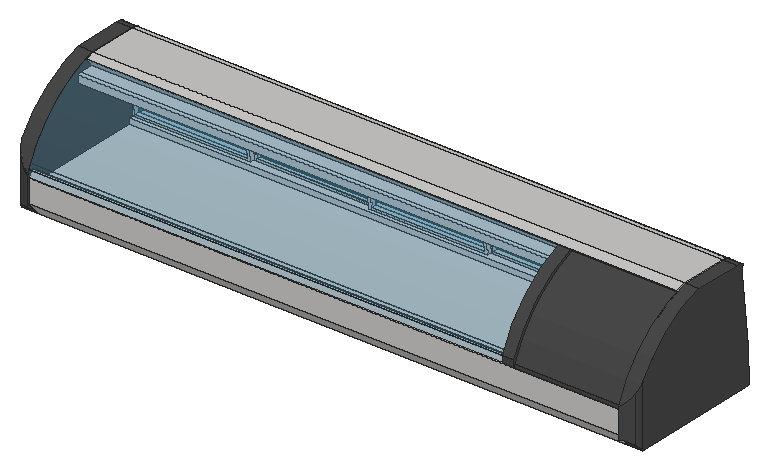
Revit family "QF_EVEREST_ESC59R", category Specialty Equipment, Revit 2015
Parameters (values of type "ESC59R")
  Weight in Pounds = 112
  Watts = if(Phase = 3, Volts * FL Amps * 1.73, Volts * FL Amps)  # 172.5 W
  Volts = 115 V
  URL Cutsheet = ""
  Specification by User = ""
  Specification by Manufacturer = ""
  Show Clearance [instance] = yes
  Show 4 Inches Back Splash [instance] = yes
  Serial Number = ""
  Seismic Rating = ""
  SMACNA No = ""
  Revision Code = ""
  Refrigerant Type [instance] = "R290"
  Phase = 1
  Number of Poles = 1
  NAFEM Spec ID Number = ""
  Model = "ESC59R"
  Min Ckt Ampacity = 0 A
  Max Overcurrent Protection = 0 A
  Masterspec = ""
  Manufacturer = "EVEREST"
  Length = 1500.00 mm
  Item Number = ""
  Installed By = ""
  Identify Quantity as Lot = yes
  Height = 283.00 mm
  HP = "1/8"
  Furnished By = ""
  Foodservice Equipment Identifier = yes
  FL Amps = 1.5 A
  Electrical Remarks = ""
  Electric Connection Type = ""
  Elec Conn RI Height = 0.00 mm
  Elec Conn Connection Height = 0.00 mm
  Description = "COUNTERTOP REFRIGERATED DISPLAY CASE"
  Depth = 349.00 mm
  Cycle = 60 Hz
  Conn Plug = "NEMA 5-15P"
  Conn Conduit = yes
  CSI MasterFormat = ""
  Base Height [instance] = if(Show 5 Inches Caster, 125.00 mm, 64.00 mm)  # 125.00 mm
  BTUH [instance] = 1211.0 Btu/h
  Apparent Power = if(Phase = 3, Volts * FL Amps * 1.73, Volts * FL Amps)  # 172.5 VA
  Show 5 Inches Caster [instance] = not(Show 2.5 Inches Caster)  # yes
  Show 2.5 Inches Caster [instance] = no
Reference planes
  plane 1 "BACK": y = 0
  plane 2: z = 0
  plane 3 "LEFT": x = 0
  plane 4 "RIGHT": x = 1500
  plane 5 "FRONT": y = -349
  plane 6 "TOP": z = 283
  plane 7 "Center Y": x = 750
  plane 8 "Center X": y = -174.5
  plane 9: z = 8
  plane 10: z = 33
  plane 11: z = 95
  plane 12: y = -19
  plane 13: y = -149
  plane 14: x = 892.75
  plane 15: x = 1465
  plane 16: x = 1178.875
  plane 17: x = 606.625
Forms (mm)
  Extrusion 1, solid, material "QF_Plastic - Black - Coarse Textured"
    sketch origin (1500, 0, 0) x (0, 1, 0) y (0, 0, -1)
      loop
        arc (0, -9.5) -> (-0.439, -8.439) -> (-1.5, -8) r 1.5
        line (-1.5, -8) -> (-319, -8)
        arc (-319, -8) -> (-331.731, -21.751) -> (-347.311, -32.163) r 80
        arc (-347.311, -32.163) -> (-348.544, -33.304) -> (-349, -34.921) r 3.096
        line (-349, -34.921) -> (-349, -95)
        arc (-349, -95) -> (-271.831, -213.288) -> (-149, -283) r 299.198
        line (-149, -283) -> (-33, -283)
        arc (-33, -283) -> (-26.602, -282.642) -> (-20.285, -281.571) r 57.29
        arc (-20.285, -281.571) -> (-18.635, -280.519) -> (-18.029, -278.658) r 2.901
        arc (-18.029, -278.658) -> (-18.826, -269.44) -> (-20.671, -260.374) r 80.818
        arc (-20.671, -260.374) -> (-20.763, -259.811) -> (-20.748, -259.241) r 3
        line (-20.748, -259.241) -> (0, -91.234) -> (0, -9.5)
    from 0 to 35
  Extrusion 2, solid, material "QF_Plastic - Black - Coarse Textured"
    sketch origin (0, 0, 0) x (0, -1, 0) y (0, 0, -1)
      loop
        line (0, -9.5) -> (0, -91.234) -> (20.748, -259.241)
        arc (20.748, -259.241) -> (20.763, -259.811) -> (20.671, -260.374) r 3
        arc (20.671, -260.374) -> (18.826, -269.44) -> (18.029, -278.658) r 80.818
        arc (18.029, -278.658) -> (18.635, -280.519) -> (20.285, -281.571) r 2.901
        arc (20.285, -281.571) -> (26.602, -282.642) -> (33, -283) r 57.29
        line (33, -283) -> (149, -283)
        arc (149, -283) -> (271.831, -213.288) -> (349, -95) r 299.198
        line (349, -95) -> (349, -34.921)
        arc (349, -34.921) -> (348.544, -33.304) -> (347.311, -32.163) r 3.096
        arc (347.311, -32.163) -> (331.731, -21.751) -> (319, -8) r 80
        line (319, -8) -> (1.5, -8)
        arc (1.5, -8) -> (0.439, -8.439) -> (0, -9.5) r 1.5
    from 0 to 35
  Extrusion 3, solid, material "QF_Metal - Stainless - Polished"
    sketch origin (1465, 0, 0) x (0, 1, 0) y (0, 0, -1)
      loop
        line (0, -91.234) -> (0, -9.5)
        arc (0, -9.5) -> (-0.439, -8.439) -> (-1.5, -8) r 1.5
        line (-1.5, -8) -> (-319, -8) -> (-342.65, -36.888) -> (-342.65, -95) -> (-334.908, -110.194) -> (-327.644, -106) -> (-327.644, -78.508) -> (-40, -78.508) -> (-40, -91.234) -> (0, -91.234)
      loop
        line (-17.644, -234.109) -> (-65.271, -225.711) -> (-179.56, -225.711) -> (-193.63, -233.834) -> (-193.63, -252.203)
        arc (-193.63, -252.203) -> (-192.572, -254.756) -> (-190.018, -255.814) r 3.611
        line (-190.018, -255.814) -> (-155.26, -255.814) -> (-170.898, -275.829)
        arc (-170.898, -275.829) -> (-160.018, -279.626) -> (-149, -283) r 299.198
        line (-149, -283) -> (-33, -283)
        arc (-33, -283) -> (-26.602, -282.642) -> (-20.285, -281.571) r 57.29
        arc (-20.285, -281.571) -> (-18.635, -280.519) -> (-18.029, -278.658) r 2.901
        arc (-18.029, -278.658) -> (-18.826, -269.44) -> (-20.671, -260.374) r 80.818
        arc (-20.671, -260.374) -> (-20.763, -259.811) -> (-20.748, -259.241) r 3
        line (-20.748, -259.241) -> (-17.644, -234.109)
    from 0 to 1430
  Extrusion 4, solid, material "QF_Plastic - Black - Coarse Textured"
    sketch origin (1214.5, 0, 0) x (0, 1, 0) y (0, 0, -1)
      loop
        arc (-342.65, -111.411) -> (-273.807, -211.414) -> (-170.898, -275.829) r 299.198
        line (-170.898, -275.829) -> (-155.26, -255.814) -> (-140.26, -255.814) -> (-140.26, -275.829) -> (-65.618, -275.829) -> (-57.036, -227.163) -> (-17.644, -234.109) -> (0, -91.234) -> (-40, -91.234) -> (-40, -78.508) -> (-327.644, -78.508) -> (-327.644, -106) -> (-334.908, -110.194) -> (-342.65, -95) -> (-342.65, -111.411)
    from 6.2 to 35
  Extrusion 5, solid, material "QF_Plastic - Black - Coarse Textured"
    sketch origin (1465, 0, 0) x (0, 1, 0) y (0, 0, -1)
      loop
        arc (-342.65, -102.954) -> (-274.045, -206.757) -> (-168.842, -273.198) r 296.018
        line (-168.842, -273.198) -> (-155.26, -255.814) -> (-140.26, -255.814) -> (-140.26, -275.829) -> (-65.618, -275.829) -> (-57.036, -227.163) -> (-17.644, -234.109) -> (0, -91.234) -> (-40, -91.234) -> (-40, -78.508) -> (-327.644, -78.508) -> (-327.644, -106) -> (-334.908, -110.194) -> (-342.65, -95) -> (-342.65, -102.954)
    from 0 to 256.7
  Extrusion 6, solid, material "Glass"
    sketch origin (1179.5, 0, 0) x (0, 1, 0) y (0, 0, -1)
      loop
        line (-170.898, -275.829) -> (-168.842, -273.198)
        arc (-168.842, -273.198) -> (-266.919, -213.509) -> (-334.908, -120.991) r 296.018
        line (-334.908, -120.991) -> (-334.908, -110.194) -> (-342.65, -95) -> (-342.65, -111.411)
        arc (-342.65, -111.411) -> (-273.807, -211.414) -> (-170.898, -275.829) r 299.198
    from 0 to 1144.5
  Revolve 7, solid, material "QF_Metal - Stainless - Polished"
    sketch origin (1400, 0, 0) x (0, 1, 0) y (0, 0, -1)
      loop
        line (-305.48, -8) -> (-286.813, -8) -> (-286.813, 0) -> (-298.689, 0)
        arc (-298.689, 0) -> (-300.57, -0.504) -> (-301.947, -1.881) r 3.761
        line (-301.947, -1.881) -> (-305.48, -8)
      axis (-286.813, 0) -> (-286.813, -8)
    angle from 0 to 360
  Revolve 8, solid, material "QF_Metal - Stainless - Polished"
    sketch origin (1400, 246.128, 0) x (0, 1, 0) y (0, 0, -1)
      loop
        line (-305.48, -8) -> (-286.813, -8) -> (-286.813, 0) -> (-298.689, 0)
        arc (-298.689, 0) -> (-300.57, -0.504) -> (-301.947, -1.881) r 3.761
        line (-301.947, -1.881) -> (-305.48, -8)
      axis (-286.813, 0) -> (-286.813, -8)
    angle from 0 to 360
  Extrusion 9, void
    sketch origin (1500, 0, 0) x (-1, 0, 0) y (0, -1, 0)
      loop
        arc (0, 319) -> (1.778, 326.477) -> (6.576, 332.482) r 17.583
        arc (6.576, 332.482) -> (29.399, 345.013) -> (55.13, 348.998) r 75.099
        line (55.13, 348.998) -> (55.13, 355.044) -> (-5, 355.044) -> (-5, 319) -> (0, 319)
      loop
        line (1500, 319) -> (1505, 319) -> (1505, 355.044) -> (1444.87, 355.044) -> (1444.87, 348.998)
        arc (1444.87, 348.998) -> (1470.601, 345.013) -> (1493.424, 332.482) r 75.099
        arc (1493.424, 332.482) -> (1498.222, 326.477) -> (1500, 319) r 17.583
    from 0 to 304.8
  Extrusion 10, solid, material "QF_Metal - Stainless - Polished"
    sketch origin (1465, 0, 9.5) x (0, 0, 1) y (1, 0, 0)
      loop
        circle (44.754, -125.25) r 5
    from 0 to 6.35
  Extrusion 11, solid, material "QF_Metal - Stainless - Polished"
    sketch origin (35, 0, 0) x (0, -1, 0) y (0, 0, -1)
      loop
        line (20, -91.234) -> (37.34, -230.636) -> (46.853, -228.959) -> (29.851, -91.234) -> (20, -91.234)
    from 572.25 to 858.375
  Extrusion 12, solid, material "QF_Metal - Stainless - Polished"
    sketch origin (1179.5, 0, 0) x (0, 1, 0) y (0, 0, -1)
      loop
        line (-20, -91.234) -> (-37.34, -230.636) -> (-27.828, -232.313) -> (-10.146, -91.234) -> (-20, -91.234)
    from 0 to 286.125
  Extrusion 13, void
    sketch origin (1179.5, -27.828, 232.313) x (0, -0.12436, 0.992237) y (-1, 0, 0)
      loop
        line (-134.608, 292.475) -> (-6.831, 292.475) -> (-6.831, 565.9) -> (-134.608, 565.9) -> (-134.608, 292.475)
    from 0 to 31.919
  Extrusion 14, solid, material "Glass"
    sketch origin (35, -37.34, 230.636) x (0, 0.123439, -0.992352) y (-1, 0, 0)
      loop
        line (134.126, -578.6) -> (6.35, -578.6) -> (6.35, -852.025) -> (134.126, -852.025) -> (134.126, -578.6)
    from 0 to -9.712
  Extrusion 15, solid, material "QF_Metal - Stainless - Polished"
    sketch origin (757.25, -17.567, 233.599) x (0, -0.992237, -0.12436) y (1, 0, 0)
      loop
        line (10.341, 417.364) -> (10.341, 419.364) -> (-1.879, 419.364) -> (-1.879, 409.364) -> (0.121, 409.364) -> (0.121, 417.364) -> (10.341, 417.364)
      loop
        line (20.118, -716.114) -> (8.648, -716.114) -> (8.648, -708.114) -> (6.648, -708.114) -> (6.648, -718.114) -> (20.118, -718.114) -> (20.118, -716.114)
      loop
        line (20.118, -143.864) -> (8.648, -143.864) -> (8.648, -135.864) -> (6.648, -135.864) -> (6.648, -145.864) -> (20.118, -145.864) -> (20.118, -143.864)
      loop
        line (10.341, -154.886) -> (10.341, -152.886) -> (-1.879, -152.886) -> (-1.879, -162.886) -> (0.121, -162.886) -> (0.121, -154.886) -> (10.341, -154.886)
    from -42.344 to -98.382
  Extrusion 16, void
    sketch origin (1179.5, -27.828, 232.313) x (0, -0.12436, 0.992237) y (-1, 0, 0)
      loop
        line (-6.35, 279.775) -> (-135.833, 279.775) -> (-135.833, 6.35) -> (-6.35, 6.35) -> (-6.35, 279.775)
    from 0 to 22
  Extrusion 17, solid, material "Glass"
    sketch origin (1179.5, -27.828, 232.313) x (0, 0.12436, -0.992237) y (-1, 0, 0)
      loop
        line (135.833, 279.775) -> (6.35, 279.775) -> (6.35, 6.35) -> (135.833, 6.35) -> (135.833, 279.775)
    from 0 to -9.712
  Revolve 18, solid, material "QF_Metal - Stainless - Polished"
    sketch origin (750, 0, 0) x (0, 1, 0) y (0, 0, -1)
      loop
        line (-305.48, -8) -> (-286.813, -8) -> (-286.813, 0) -> (-298.689, 0)
        arc (-298.689, 0) -> (-300.57, -0.504) -> (-301.947, -1.881) r 3.761
        line (-301.947, -1.881) -> (-305.48, -8)
      axis (-286.813, 0) -> (-286.813, -8)
    angle from 0 to 360
  Revolve 19, solid, material "QF_Metal - Stainless - Polished"
    sketch origin (750, 246.128, 0) x (0, 1, 0) y (0, 0, -1)
      loop
        line (-305.48, -8) -> (-286.813, -8) -> (-286.813, 0) -> (-298.689, 0)
        arc (-298.689, 0) -> (-300.57, -0.504) -> (-301.947, -1.881) r 3.761
        line (-301.947, -1.881) -> (-305.48, -8)
      axis (-286.813, 0) -> (-286.813, -8)
    angle from 0 to 360
  Revolve 20, solid, material "QF_Metal - Stainless - Polished"
    sketch origin (100, 0, 0) x (0, 1, 0) y (0, 0, 1)
      loop
        line (-305.48, 8) -> (-301.947, 1.881)
        arc (-301.947, 1.881) -> (-300.57, 0.504) -> (-298.689, 0) r 3.761
        line (-298.689, 0) -> (-286.813, 0) -> (-286.813, 8) -> (-305.48, 8)
      axis (-286.813, 0) -> (-286.813, 8)
    angle from 0 to 360
  Revolve 21, solid, material "QF_Metal - Stainless - Polished"
    sketch origin (100, 246.128, 0) x (0, 1, 0) y (0, 0, 1)
      loop
        line (-305.48, 8) -> (-301.947, 1.881)
        arc (-301.947, 1.881) -> (-300.57, 0.504) -> (-298.689, 0) r 3.761
        line (-298.689, 0) -> (-286.813, 0) -> (-286.813, 8) -> (-305.48, 8)
      axis (-286.813, 0) -> (-286.813, 8)
    angle from 0 to 360
  Extrusion 22, solid, material "QF_Metal - Stainless - Polished"
    sketch origin (-537.25, 0, 0) x (0, -1, 0) y (0, 0, -1)
      loop
        line (20, -91.234) -> (37.34, -230.636) -> (46.853, -228.959) -> (29.851, -91.234) -> (20, -91.234)
    from 572.25 to 858.375
  Extrusion 23, solid, material "QF_Metal - Stainless - Polished"
    sketch origin (607.25, 0, 0) x (0, 1, 0) y (0, 0, -1)
      loop
        line (-20, -91.234) -> (-37.34, -230.636) -> (-27.828, -232.313) -> (-10.146, -91.234) -> (-20, -91.234)
    from 0 to 286.125
  Extrusion 24, void
    sketch origin (607.25, -27.828, 232.313) x (0, -0.12436, 0.992237) y (-1, 0, 0)
      loop
        line (-134.608, 292.475) -> (-6.831, 292.475) -> (-6.831, 565.9) -> (-134.608, 565.9) -> (-134.608, 292.475)
    from 0 to 31.919
  Extrusion 25, solid, material "Glass"
    sketch origin (-537.25, -37.34, 230.636) x (0, 0.123439, -0.992352) y (-1, 0, 0)
      loop
        line (134.126, -578.6) -> (6.35, -578.6) -> (6.35, -852.025) -> (134.126, -852.025) -> (134.126, -578.6)
    from 0 to -9.712
  Extrusion 26, void
    sketch origin (607.25, -27.828, 232.313) x (0, -0.12436, 0.992237) y (-1, 0, 0)
      loop
        line (-6.35, 279.775) -> (-135.833, 279.775) -> (-135.833, 6.35) -> (-6.35, 6.35) -> (-6.35, 279.775)
    from 0 to 22
  Extrusion 27, solid, material "Glass"
    sketch origin (607.25, -27.828, 232.313) x (0, 0.12436, -0.992237) y (-1, 0, 0)
      loop
        line (135.833, 279.775) -> (6.35, 279.775) -> (6.35, 6.35) -> (135.833, 6.35) -> (135.833, 279.775)
    from 0 to -9.712
Cuts and joins
  Extrusion 9 cuts Extrusion 1
  Extrusion 9 cuts Extrusion 2
  Extrusion 13 cuts Extrusion 11
  Extrusion 16 cuts Extrusion 12
  Extrusion 24 cuts Extrusion 22
  Extrusion 26 cuts Extrusion 23
Lines and regions (mm)
  symbolic lines
    curve 1: line (1500, 0, 0) -> (0, 0, 0)
    curve 2: line (1500, 0, 0) -> (1500, -319, 0)
    curve 3: line (52.152, -349, 0) -> (1447.848, -349, 0)
    curve 4: arc (1493.424, -332.482, 0) -> (1498.222, -326.477, 0) -> (1500, -319, 0) r 17.583
    curve 5: arc (1447.848, -349, 0) -> (1472.006, -344.52, 0) -> (1493.424, -332.482, 0) r 75.099
    curve 6: line (1465, -346.678, 0) -> (1465, 0, 0)
    curve 7: line (1465, -149, 0) -> (35, -149, 0)
    curve 8: line (1465, -170.898, 0) -> (35, -170.898, 0)
    curve 9: line (1208.3, -170.898, 0) -> (1208.3, -342.65, 0)
    curve 10: line (1179.5, -170.898, 0) -> (1179.5, -342.65, 0)
    curve 11: line (1465, -342.65, 0) -> (35, -342.65, 0)
    curve 12: line (0, 0, 0) -> (0, -319, 0)
    curve 13: arc (6.576, -332.482, 0) -> (27.994, -344.52, 0) -> (52.152, -349, 0) r 75.099
    curve 14: arc (0, -319, 0) -> (1.778, -326.477, 0) -> (6.576, -332.482, 0) r 17.583
    curve 15: line (35, 0, 0) -> (35, -346.678, 0)
Dimensions and locks
  equal spacing: plane 3 "LEFT", plane 7 "Center Y", plane 4 "RIGHT"
  "Length": plane 3 "LEFT" to plane 4 "RIGHT"
  equal spacing: plane 5 "FRONT", plane 8 "Center X", plane 1 "BACK"
  "Depth": plane 5 "FRONT" to plane 1 "BACK"
  "Height": plane 6 "TOP" to plane 2
  plane 9 to plane 2 = 8.00 mm
  plane 10 to plane 9 = 25.00 mm
  plane 11 to plane 9 = 87.00 mm
  equal spacing: plane 14, plane 16, plane 15
  aligned and locked: plane 2 to level
Automatic sketch dimensions
  plane 1 "BACK" to curve 12 = 0.00 mm
  curve 12 to plane 3 "LEFT" = 0.00 mm
  plane 5 "FRONT" to curve 3 = 0.00 mm
  curve 7 to plane 13 = 0.00 mm
  curve 6 to plane 15 = 0.00 mm
  curve 2 to plane 4 "RIGHT" = 0.00 mm
  plane 3 "LEFT" to curve 14 = 17.582 mm
  curve 14 to curve 3 = 34.57 mm
  plane 15 to curve 5 = 18.583 mm
  plane 15 to curve 3 = 17.152 mm
  curve 4 to plane 15 = 17.418 mm
  curve 12 to plane 5 "FRONT" = 30.00 mm
  curve 2 to plane 5 "FRONT" = 30.00 mm
  curve 4 to curve 4 = 0.231 mm
  curve 12 to curve 14 = 0.231 mm
  curve 4 to curve 5 = 44.855 mm
  curve 14 to curve 13 = 44.855 mm
  curve 15 to plane 5 "FRONT" = 2.322 mm
  curve 1 to curve 15 = 35.00 mm
  plane 8 "Center X" to curve 8 = 3.602 mm
  curve 1 to curve 8 = 35.00 mm
  curve 7 to curve 8 = 0.00 mm
  curve 10 to plane 16 = 0.625 mm
  curve 10 to curve 9 = 28.80 mm
  curve 15 to curve 11 = 4.028 mm
  Extrusion 1 sketch curve to plane 5 "FRONT" = 0.00 mm
  plane 9 to Extrusion 1 sketch curve = 0.00 mm
  Extrusion 1 sketch curve to plane 6 "TOP" = 0.00 mm
  Extrusion 1 sketch curve to plane 13 = 0.00 mm
  Extrusion 1 sketch curve to plane 1 "BACK" = 0.00 mm
  Extrusion 1 sketch curve to plane 11 = 0.00 mm
  plane 5 "FRONT" to Extrusion 1 sketch curve = 34.666 mm
  Extrusion 1 sketch curve to Extrusion 1 sketch curve = 3.096 mm
  Extrusion 1 sketch curve to plane 5 "FRONT" = 30.00 mm
  Extrusion 1 sketch curve to plane 6 "TOP" = 2.00 mm
  plane 13 to Extrusion 1 sketch curve = 50.187 mm
  Extrusion 1 sketch curve to level = 4.716 mm
  Extrusion 1 sketch curve to plane 12 = 14.00 mm
  Extrusion 1 sketch curve to plane 12 = 1.928 mm
  Extrusion 1 sketch curve to plane 12 = 1.748 mm
  plane 12 to Extrusion 1 sketch curve = 1.23 mm
  plane 1 "BACK" to Extrusion 1 sketch curve = 1.50 mm
  Extrusion 1 sketch curve to plane 6 "TOP" = 4.258 mm
  Extrusion 1 sketch curve to Extrusion 1 sketch curve = 19.134 mm
  Extrusion 1 sketch curve to Extrusion 1 sketch curve = 0.368 mm
  Extrusion 1 sketch curve to Extrusion 1 sketch curve = 33.531 mm
  Extrusion 1 sketch curve to plane 11 = 3.766 mm
  plane 10 to Extrusion 1 sketch curve = 1.921 mm
  Extrusion 1 sketch curve to level = 39.099 mm
  Extrusion 1 sketch curve to Extrusion 1 sketch curve = 0.00 mm  (x2)
  Extrusion 2 sketch curve to plane 1 "BACK" = 0.00 mm
  Extrusion 2 sketch curve to plane 9 = 0.00 mm
  Extrusion 2 sketch curve to plane 6 "TOP" = 0.00 mm
  Extrusion 2 sketch curve to plane 13 = 0.00 mm
  Extrusion 2 sketch curve to plane 5 "FRONT" = 0.00 mm
  Extrusion 2 sketch curve to plane 11 = 0.00 mm
  Extrusion 2 sketch curve to Extrusion 2 sketch curve = 1.50 mm
  plane 12 to Extrusion 2 sketch curve = 1.23 mm
  Extrusion 2 sketch curve to plane 12 = 1.748 mm
  Extrusion 2 sketch curve to plane 12 = 1.928 mm
  Extrusion 2 sketch curve to plane 12 = 14.00 mm
  Extrusion 2 sketch curve to level = 4.716 mm
  Extrusion 2 sketch curve to plane 6 "TOP" = 2.00 mm
  plane 13 to Extrusion 2 sketch curve = 50.187 mm
  Extrusion 2 sketch curve to plane 5 "FRONT" = 30.00 mm
  Extrusion 2 sketch curve to Extrusion 2 sketch curve = 3.096 mm
  plane 5 "FRONT" to Extrusion 2 sketch curve = 34.666 mm
  Extrusion 2 sketch curve to plane 6 "TOP" = 4.258 mm
  Extrusion 2 sketch curve to Extrusion 2 sketch curve = 19.134 mm
  Extrusion 2 sketch curve to Extrusion 2 sketch curve = 0.368 mm
  Extrusion 2 sketch curve to Extrusion 2 sketch curve = 33.531 mm
  Extrusion 2 sketch curve to plane 11 = 3.766 mm
  plane 10 to Extrusion 2 sketch curve = 1.921 mm
  Extrusion 2 sketch curve to level = 39.099 mm
  plane 12 to Extrusion 2 sketch curve = 0.971 mm
  Extrusion 2 sketch curve to Extrusion 2 sketch curve = 0.00 mm
  Extrusion 3 sketch curve to Extrusion 1 = 0.00 mm  (x2)
  Extrusion 3 sketch curve to Extrusion 1 = 27.186 mm
  Extrusion 3 sketch curve to Extrusion 3 sketch curve = 6.26 mm
  Extrusion 3 sketch curve to Extrusion 1 = 7.171 mm
  Extrusion 3 sketch curve to Extrusion 3 sketch curve = 24.30 mm
  Extrusion 3 sketch curve to Extrusion 3 sketch curve = 19.121 mm
  Extrusion 3 sketch curve to Extrusion 3 sketch curve = 3.611 mm
  Extrusion 3 sketch curve to Extrusion 1 = 30.00 mm
  Extrusion 3 sketch curve to Extrusion 1 = 21.356 mm
  Extrusion 3 sketch curve to Extrusion 3 sketch curve = 7.264 mm
  Extrusion 3 sketch curve to Extrusion 1 = 6.35 mm
  Extrusion 3 sketch curve to Extrusion 3 sketch curve = 32.271 mm
  Extrusion 3 sketch curve to Extrusion 1 = 40.00 mm
  Extrusion 3 sketch curve to Extrusion 3 sketch curve = 0.077 mm
  Extrusion 3 sketch curve to Extrusion 3 sketch curve = 15.356 mm
  Extrusion 3 sketch curve to Extrusion 3 sketch curve = 18.368 mm
  Extrusion 3 sketch curve to Extrusion 3 sketch curve = 0.001 mm
  Extrusion 3 sketch curve to Extrusion 1 = 102.194 mm
  Extrusion 3 sketch curve to Extrusion 3 sketch curve = 4.194 mm
  Extrusion 3 sketch curve to Extrusion 3 sketch curve = 15.194 mm
  Extrusion 3 sketch curve to Extrusion 3 sketch curve = 16.492 mm
  Extrusion 3 sketch curve to Extrusion 1 = 28.888 mm
  Extrusion 4 sketch curve to plane 11 = 0.00 mm
  Extrusion 4 sketch curve to plane 1 "BACK" = 0.00 mm
  plane 12 to Extrusion 4 sketch curve = 1.356 mm
  Extrusion 4 sketch curve to plane 11 = 3.766 mm
  Extrusion 4 sketch curve to plane 12 = 21.00 mm
  Extrusion 4 sketch curve to plane 12 = 38.036 mm
  Extrusion 4 sketch curve to plane 6 "TOP" = 7.171 mm  (x2)
  Extrusion 4 sketch curve to plane 12 = 46.618 mm
  Extrusion 4 sketch curve to level = 4.716 mm
  Extrusion 4 sketch curve to plane 12 = 47.907 mm
  plane 13 to Extrusion 4 sketch curve = 8.74 mm
  Extrusion 4 sketch curve to plane 13 = 6.26 mm
  plane 8 "Center X" to Extrusion 4 sketch curve = 3.602 mm
  Extrusion 4 sketch curve to plane 5 "FRONT" = 21.356 mm
  Extrusion 4 sketch curve to Extrusion 4 sketch curve = 7.264 mm
  Extrusion 4 sketch curve to plane 5 "FRONT" = 6.35 mm
  Extrusion 4 sketch curve to Extrusion 4 sketch curve = 20.015 mm
  Extrusion 4 sketch curve to plane 6 "TOP" = 48.891 mm
  Extrusion 4 sketch curve to Extrusion 4 sketch curve = 1.218 mm
  Extrusion 4 sketch curve to Extrusion 4 sketch curve = 4.194 mm
  Extrusion 4 sketch curve to Extrusion 4 sketch curve = 12.726 mm
  Extrusion 5 sketch curve to Extrusion 1 = 0.00 mm  (x3)
  Extrusion 5 sketch curve to Extrusion 1 = 27.186 mm
  Extrusion 5 sketch curve to Extrusion 1 = 140.26 mm
  Extrusion 5 sketch curve to Extrusion 5 sketch curve = 15.00 mm
  Extrusion 5 sketch curve to Extrusion 1 = 9.802 mm
  Extrusion 5 sketch curve to Extrusion 1 = 21.356 mm
  Extrusion 5 sketch curve to Extrusion 5 sketch curve = 7.264 mm
  Extrusion 5 sketch curve to Extrusion 1 = 6.35 mm
  Extrusion 5 sketch curve to Extrusion 1 = 7.171 mm
  Extrusion 5 sketch curve to Extrusion 1 = 65.618 mm
  Extrusion 5 sketch curve to Extrusion 5 sketch curve = 8.581 mm
  Extrusion 5 sketch curve to Extrusion 1 = 40.00 mm
  Extrusion 5 sketch curve to Extrusion 1 = 17.644 mm
  Extrusion 5 sketch curve to Extrusion 5 sketch curve = 7.24 mm
  Extrusion 5 sketch curve to Extrusion 5 sketch curve = 4.194 mm
  Extrusion 5 sketch curve to Extrusion 5 sketch curve = 7.954 mm
  Extrusion 5 sketch curve to Extrusion 5 sketch curve = 12.726 mm
  Extrusion 4 to Extrusion 6 sketch curve = 0.00 mm  (x2)
  Extrusion 6 sketch curve to Extrusion 4 = 0.00 mm  (x4)
  plane 9 to Revolve 7 sketch curve = 0.00 mm
  Revolve 7 sketch curve to level = 0.00 mm
  Revolve 7 sketch curve to plane 5 "FRONT" = 43.52 mm
  level to Revolve 7 sketch curve = 1.881 mm
  Revolve 7 sketch curve to Revolve 7 sketch curve = 3.533 mm
  level to Revolve 7 sketch curve = 3.761 mm
  Revolve 7 sketch curve to Revolve 7 sketch curve = 11.876 mm
  Revolve 7 sketch curve to Revolve 7 sketch curve = 0.00 mm
  plane 9 to Revolve 7 sketch curve = 2.06 mm
  Revolve 7 sketch curve to Revolve 7 sketch curve = 2.108 mm
  Revolve 8 sketch curve to plane 9 = 0.00 mm
  Revolve 8 sketch curve to level = 0.00 mm
  Revolve 8 sketch curve to plane 12 = 40.351 mm
  level to Revolve 8 sketch curve = 1.881 mm
  Revolve 8 sketch curve to Revolve 8 sketch curve = 3.533 mm
  Revolve 8 sketch curve to Revolve 8 sketch curve = 3.257 mm
  Revolve 8 sketch curve to Revolve 8 sketch curve = 11.876 mm
  Revolve 8 sketch curve to Revolve 8 sketch curve = 0.00 mm
  plane 9 to Revolve 8 sketch curve = 2.06 mm
  Revolve 8 sketch curve to Revolve 8 sketch curve = 2.108 mm
  Extrusion 9 sketch curve to plane 4 "RIGHT" = 0.00 mm
  Extrusion 9 sketch curve to plane 3 "LEFT" = 0.00 mm
  Extrusion 9 sketch curve to plane 4 "RIGHT" = 5.00 mm
  Extrusion 9 sketch curve to plane 15 = 17.418 mm
  plane 15 to Extrusion 9 sketch curve = 18.583 mm
  plane 5 "FRONT" to Extrusion 9 sketch curve = 6.044 mm  (x2)
  plane 15 to Extrusion 9 sketch curve = 20.13 mm
  Extrusion 9 sketch curve to plane 5 "FRONT" = 0.002 mm  (x2)
  plane 3 "LEFT" to Extrusion 9 sketch curve = 55.13 mm
  plane 3 "LEFT" to Extrusion 9 sketch curve = 53.583 mm
  plane 3 "LEFT" to Extrusion 9 sketch curve = 17.582 mm
  Extrusion 9 sketch curve to plane 3 "LEFT" = 5.00 mm
  Extrusion 9 sketch curve to plane 5 "FRONT" = 30.00 mm  (x2)
  Extrusion 9 sketch curve to Extrusion 9 sketch curve = 0.231 mm  (x2)
  Extrusion 9 sketch curve to Extrusion 9 sketch curve = 44.855 mm  (x2)
  Extrusion 10 sketch curve to Extrusion 3 = 36.98 mm
  Extrusion 3 to Extrusion 10 sketch curve = 125.25 mm
  Extrusion 11 sketch curve to Extrusion 2 = 20.00 mm
  Extrusion 11 sketch curve to Extrusion 11 sketch curve = 9.851 mm
  Extrusion 11 sketch curve to Extrusion 2 = 37.34 mm
  Extrusion 11 sketch curve to Extrusion 11 sketch curve = 9.513 mm
  Extrusion 11 sketch curve to Extrusion 2 = 52.364 mm
  Extrusion 11 sketch curve to Extrusion 11 sketch curve = 1.677 mm
  Extrusion 11 sketch curve to Extrusion 2 = 83.234 mm
  Extrusion 12 sketch curve to Extrusion 4 = 0.00 mm  (x2)
  Extrusion 4 to Extrusion 12 sketch curve = 0.00 mm
  Extrusion 4 to Extrusion 12 sketch curve = 2.66 mm
  Extrusion 12 sketch curve to Extrusion 12 sketch curve = 9.512 mm
  Extrusion 4 to Extrusion 12 sketch curve = 20.00 mm
  Extrusion 12 sketch curve to Extrusion 12 sketch curve = 9.854 mm
  Extrusion 13 sketch curve to Extrusion 12 = 7.575 mm
  Extrusion 13 sketch curve to Extrusion 12 = 6.831 mm
  Extrusion 12 to Extrusion 13 sketch curve = 6.35 mm
  Extrusion 13 sketch curve to Extrusion 13 sketch curve = 273.425 mm
  Extrusion 11 to Extrusion 14 sketch curve = 6.35 mm  (x4)
  Extrusion 15 sketch curve to plane 17 = 2.261 mm
  plane 16 to Extrusion 15 sketch curve = 2.261 mm
  Extrusion 15 sketch curve to Extrusion 15 sketch curve = 0.00 mm
  Extrusion 15 sketch curve to Extrusion 15 sketch curve = 2.00 mm  (x7)
  plane 3 "LEFT" to Extrusion 15 sketch curve = 39.136 mm
  Extrusion 15 sketch curve to Extrusion 15 sketch curve = 6.527 mm
  Extrusion 15 sketch curve to Extrusion 15 sketch curve = 8.527 mm
  Extrusion 15 sketch curve to Extrusion 15 sketch curve = 10.22 mm
  Extrusion 15 sketch curve to plane 17 = 4.261 mm
  Extrusion 15 sketch curve to Extrusion 15 sketch curve = 3.693 mm
  plane 17 to Extrusion 15 sketch curve = 4.761 mm
  Extrusion 15 sketch curve to Extrusion 15 sketch curve = 11.47 mm  (x2)
  Extrusion 15 sketch curve to Extrusion 15 sketch curve = 8.00 mm  (x3)
  Extrusion 15 sketch curve to Extrusion 15 sketch curve = 10.00 mm
  Extrusion 16 sketch curve to Extrusion 12 = 6.35 mm  (x4)
  Extrusion 12 to Extrusion 17 sketch curve = 6.35 mm  (x4)
  plane 9 to Revolve 18 sketch curve = 0.00 mm
  Revolve 18 sketch curve to level = 0.00 mm
  Revolve 18 sketch curve to plane 5 "FRONT" = 43.52 mm
  level to Revolve 18 sketch curve = 1.881 mm
  Revolve 18 sketch curve to Revolve 18 sketch curve = 3.533 mm
  level to Revolve 18 sketch curve = 3.761 mm
  Revolve 18 sketch curve to Revolve 18 sketch curve = 11.876 mm
  Revolve 18 sketch curve to Revolve 18 sketch curve = 0.00 mm
  plane 9 to Revolve 18 sketch curve = 2.06 mm
  Revolve 18 sketch curve to Revolve 18 sketch curve = 2.108 mm
  Revolve 19 sketch curve to plane 9 = 0.00 mm
  Revolve 19 sketch curve to level = 0.00 mm
  Revolve 19 sketch curve to plane 12 = 40.351 mm
  level to Revolve 19 sketch curve = 1.881 mm
  Revolve 19 sketch curve to Revolve 19 sketch curve = 3.533 mm
  level to Revolve 19 sketch curve = 3.761 mm
  Revolve 19 sketch curve to Revolve 19 sketch curve = 11.876 mm
  Revolve 19 sketch curve to Revolve 19 sketch curve = 0.00 mm
  plane 9 to Revolve 19 sketch curve = 2.06 mm
  Revolve 19 sketch curve to Revolve 19 sketch curve = 2.108 mm
  Revolve 20 sketch curve to plane 9 = 0.00 mm
  Revolve 20 sketch curve to level = 0.00 mm
  Revolve 20 sketch curve to plane 5 "FRONT" = 43.52 mm
  level to Revolve 20 sketch curve = 1.881 mm
  Revolve 20 sketch curve to Revolve 20 sketch curve = 3.533 mm
  level to Revolve 20 sketch curve = 3.761 mm
  Revolve 20 sketch curve to Revolve 20 sketch curve = 11.876 mm
  Revolve 20 sketch curve to Revolve 20 sketch curve = 0.00 mm
  plane 9 to Revolve 20 sketch curve = 2.06 mm
  Revolve 20 sketch curve to Revolve 20 sketch curve = 2.108 mm
  Revolve 21 sketch curve to plane 9 = 0.00 mm
  Revolve 21 sketch curve to level = 0.00 mm
  Revolve 21 sketch curve to plane 12 = 40.351 mm
  level to Revolve 21 sketch curve = 1.881 mm
  Revolve 21 sketch curve to Revolve 21 sketch curve = 3.533 mm
  Revolve 21 sketch curve to Revolve 21 sketch curve = 3.257 mm
  Revolve 21 sketch curve to Revolve 21 sketch curve = 11.876 mm
  Revolve 21 sketch curve to Revolve 21 sketch curve = 0.00 mm
  plane 9 to Revolve 21 sketch curve = 2.06 mm
  Revolve 21 sketch curve to Revolve 21 sketch curve = 2.108 mm
  Extrusion 22 sketch curve to plane 12 = 1.00 mm
  Extrusion 22 sketch curve to plane 11 = 3.766 mm
  Extrusion 22 sketch curve to Extrusion 22 sketch curve = 9.851 mm
  Extrusion 22 sketch curve to plane 12 = 18.34 mm
  Extrusion 22 sketch curve to Extrusion 22 sketch curve = 9.513 mm
  Extrusion 22 sketch curve to plane 6 "TOP" = 54.041 mm
  Extrusion 22 sketch curve to Extrusion 22 sketch curve = 1.677 mm
  Extrusion 23 sketch curve to plane 12 = 18.34 mm
  Extrusion 23 sketch curve to plane 12 = 8.828 mm
  Extrusion 23 sketch curve to plane 12 = 1.00 mm
  Extrusion 23 sketch curve to plane 11 = 3.766 mm
  plane 12 to Extrusion 23 sketch curve = 8.854 mm
  Extrusion 23 sketch curve to plane 6 "TOP" = 52.364 mm
  Extrusion 23 sketch curve to Extrusion 23 sketch curve = 1.677 mm
  Extrusion 24 sketch curve to Extrusion 23 = 7.575 mm
  Extrusion 24 sketch curve to Extrusion 23 = 6.831 mm
  Extrusion 23 to Extrusion 24 sketch curve = 6.35 mm
  Extrusion 24 sketch curve to Extrusion 24 sketch curve = 273.425 mm
  Extrusion 22 to Extrusion 25 sketch curve = 6.35 mm  (x4)
  Extrusion 26 sketch curve to Extrusion 23 = 6.35 mm  (x4)
  Extrusion 23 to Extrusion 27 sketch curve = 6.35 mm  (x4)
  radius of Extrusion 3 sketch curve to Extrusion 1 = 0.00 mm  (x6)
  radius of Extrusion 5 sketch curve to Extrusion 1 = 3.18 mm
  radius of Extrusion 6 sketch curve to Extrusion 4 = 0.00 mm
  radius of Extrusion 6 sketch curve to Extrusion 4 = 3.18 mm
  radius of Extrusion 10 sketch curve = 5.00 mm
Connectors
  electrical at (1339.75, 6.35, 54.254), driven by "Volts", driven by "Watts"
    settings: on Extrusion 10, index 3, voltage 115 V, apparent load 172.5 VA, apparent load phase1 0 VA, apparent load phase2 0 VA, apparent load phase3 0 VA, power factor 1, load classification "Other", number of poles 1, system type 30, power factor state 1, is connector primary yes, connector utility no, sub classification motor no, connector description "ELECTRICAL CONNECTION"
